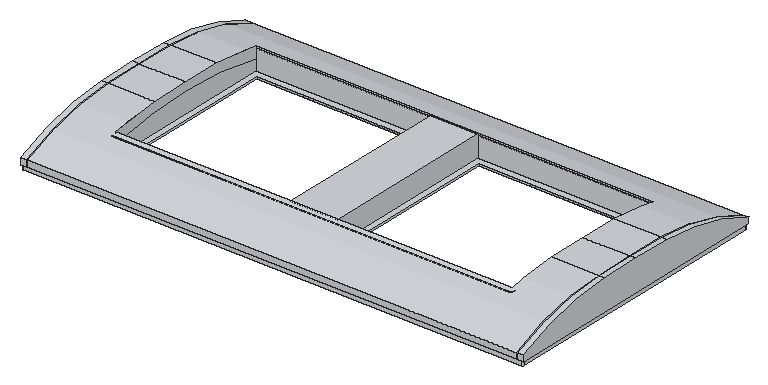
Revit family "Gira_021259", category Electrical Fixtures, host Face, Revit 2017
Family settings
  Host = Face
  Maintain Annotation Orientation = No
  Round Connector Dimension = Use Diameter
  Part Type = Normal
  Cut with Voids When Loaded = No
  Shared = No
  Room Calculation Point = No
Parameters (values of type "Cov.fr. 2-g interm.fr. CAl Gira Event Opaque dark brown")
  With mounting grid = "No"
  With hinged lid = "No"
  URL = "http://katalog.gira.de/en/datenblatt.html?artikelnr=021259"
  Type of fastening = "Clamp mounting"
  Transparent = "No"
  Surface protection = "Other"
  Suitable for wall duct = "No"
  Suitable for flush-mounted installation = "Yes"
  Suitable for floor box = "No"
  Suitable for built-in installation = "No"
  Number of units vertical = "2"
  Number of units horizontal = "2"
  Number of units = "2"
  Name = "Cov.fr. 2-g interm.fr. CAl Gira Event Opaque dark brown"
  Mounting direction = "Horizontal and vertical"
  Material quality = "Thermoplastic"
  Material = "Plastic"
  Manufacturer URL = "https://www.gira.de/"
  Manufacturer = "Gira"
  Label space/information surface = "No"
  Keynote = ""
  HeinzeBIM = "https://bimportal.heinze.de/bim/cov-fr-2-g-interm-fr-cal-gira-event-opaque-dark-brown/5926616d75215d4e1b11a50b3ff71ddcb004d1a1"
  Halogen free = "Yes"
  HAN = "021259"
  GTIN = "4010337003434"
  Description = "Cov.fr.2g i.fr.CAl EvOp DBN,Gira Event Opaque frames,dark brown with colour aluminium intermediate frame,2-gang,Features:,- Shatter-proof."
  Degree of protection (IP) = "IP20"
  Default Elevation = 1219.2 mm
  Data sheet (1) = "https://katalog.gira.de/en/download.html?artikelnr=021259"
  Colour = "Brown"
  Category = "Cover frame for domestic switching devices"
  BIM (1) = "https://media.stage.bim.site/public/gira/36a6b08/Event_Rahmen_2fach.rfa"
  Available = "No"
Reference planes
  plane 1 "Center (Front/Back)": y = 0
  plane 2: z = 0
  plane 3 "Center (Left/Right)": x = 0
Forms (mm)
  Extrusion 1, solid, detail levels fine
    sketch origin (0, 0, 0.05) x (0, 1, 0) y (0, 0, 1)
      loop
        arc (12.445, 9.683) -> (6.223, 9.833) -> (0, 9.85) r 291.636
        arc (0, 9.85) -> (-6.223, 9.833) -> (-12.445, 9.683) r 291.636
        arc (-12.445, 9.683) -> (-29.14, 7.482) -> (-45, 1.823) r 79.728
        line (-45, 1.823) -> (-45, -0.05) -> (-42.086, -0.05)
        arc (-42.086, -0.05) -> (-21.385, 5.559) -> (0, 7.206) r 114.424
        arc (0, 7.206) -> (21.385, 5.559) -> (42.086, -0.05) r 114.424
        line (42.086, -0.05) -> (45, -0.05) -> (45, 1.823)
        arc (45, 1.823) -> (29.14, 7.482) -> (12.445, 9.683) r 79.728
    from -78.55 to 78.55
  Extrusion 2, void, detail levels fine
    sketch origin (0, 0, 0) x (1, 0, 0) y (0, 1, 0)
      loop
        line (-63.55, -27.937) -> (63.55, -27.937) -> (63.55, 28.063) -> (-63.55, 28.063) -> (-63.55, -27.937)
    from 0.724 to 11
  Extrusion 3, solid, detail levels coarse
    sketch origin (0, 0, 0) x (1, 0, 0) y (0, 1, 0)
      loop
        line (-80.55, 45) -> (-80.55, -45) -> (80.55, -45) -> (80.55, 45) -> (-80.55, 45)
    from -1.5 to 9.9
  Extrusion 4, solid, detail levels medium
    sketch origin (0, 0, 0.05) x (0, 1, 0) y (0, 0, 1)
      loop
        arc (12.445, 9.683) -> (6.223, 9.833) -> (0, 9.85) r 291.636
        arc (0, 9.85) -> (-6.223, 9.833) -> (-12.445, 9.683) r 291.636
        arc (-12.445, 9.683) -> (-29.14, 7.482) -> (-45, 1.823) r 79.728
        line (-45, 1.823) -> (-45, -0.05) -> (45, -0.05) -> (45, 1.823)
        arc (45, 1.823) -> (29.14, 7.482) -> (12.445, 9.683) r 79.728
    from -80.55 to 80.55
  Extrusion 5, solid, detail levels fine
    sketch origin (-35.55, 0, -1.5) x (0, 1, 0) y (0, 0, -1)
      loop
        line (45, -3.373) -> (45, -1.5) -> (-45, -1.5) -> (-45, -3.373)
        arc (-45, -3.373) -> (-29.14, -9.032) -> (-12.445, -11.233) r 79.728
        arc (-12.445, -11.233) -> (-6.223, -11.383) -> (0, -11.4) r 291.636
        arc (0, -11.4) -> (6.223, -11.383) -> (12.445, -11.233) r 291.636
        arc (12.445, -11.233) -> (29.14, -9.032) -> (45, -3.373) r 79.728
    from 43 to 45
  Extrusion 6, solid, detail levels fine
    sketch origin (0, 0, 0) x (1, 0, 0) y (0, 1, 0)
      loop
        line (-61.45, 25.7) -> (-61.45, -25.7) -> (-9.65, -25.7) -> (-9.65, 25.7) -> (-61.45, 25.7)
      loop
        line (61.45, -25.7) -> (61.45, 25.7) -> (9.65, 25.7) -> (9.65, -25.7) -> (61.45, -25.7)
      loop
        line (-64.445, 28.49) -> (-64.445, -28.495)
        spline (-64.445, -28.495) -> (-64.436, -28.625) -> (-64.411, -28.754) -> (-64.369, -28.878) -> (-64.311, -28.995) -> (-64.238, -29.104) -> (-64.152, -29.202) -> (-64.054, -29.288) -> (-63.945, -29.361) -> (-63.828, -29.419) -> (-63.704, -29.461) -> (-63.575, -29.486) -> (-63.445, -29.495)
        line (-63.445, -29.495) -> (63.445, -29.495)
        spline (63.445, -29.495) -> (63.575, -29.486) -> (63.704, -29.461) -> (63.828, -29.419) -> (63.945, -29.361) -> (64.054, -29.288) -> (64.152, -29.202) -> (64.238, -29.104) -> (64.311, -28.995) -> (64.369, -28.878) -> (64.411, -28.754) -> (64.436, -28.625) -> (64.445, -28.495)
        line (64.445, -28.495) -> (64.445, 28.49)
        spline (64.445, 28.49) -> (64.436, 28.62) -> (64.411, 28.748) -> (64.369, 28.872) -> (64.311, 28.99) -> (64.238, 29.098) -> (64.152, 29.197) -> (64.054, 29.283) -> (63.945, 29.356) -> (63.828, 29.413) -> (63.704, 29.456) -> (63.575, 29.481) -> (63.445, 29.49)
        line (63.445, 29.49) -> (-63.445, 29.49)
        spline (-63.445, 29.49) -> (-63.575, 29.481) -> (-63.704, 29.456) -> (-63.828, 29.413) -> (-63.945, 29.356) -> (-64.054, 29.283) -> (-64.152, 29.197) -> (-64.238, 29.098) -> (-64.311, 28.99) -> (-64.369, 28.872) -> (-64.411, 28.748) -> (-64.436, 28.62) -> (-64.445, 28.49)
    from 0.1 to 7.3
  Extrusion 7, solid
    sketch origin (0, 0, 0) x (1, 0, 0) y (0, 1, 0)
      loop
        arc (-80.25, -44.2) -> (-80.104, -44.554) -> (-79.75, -44.7) r 0.5
        line (-79.75, -44.7) -> (79.75, -44.7)
        arc (79.75, -44.7) -> (80.104, -44.554) -> (80.25, -44.2) r 0.5
        line (80.25, -44.2) -> (80.25, 44.2)
        arc (80.25, 44.2) -> (80.104, 44.554) -> (79.75, 44.7) r 0.5
        line (79.75, 44.7) -> (-79.75, 44.7)
        arc (-79.75, 44.7) -> (-80.104, 44.554) -> (-80.25, 44.2) r 0.5
        line (-80.25, 44.2) -> (-80.25, -44.2)
      loop
        line (-78.55, 43) -> (-78.55, -43) -> (78.55, -43) -> (78.55, 43) -> (-78.55, 43)
    from -1.5 to 0.5
  Extrusion 8, solid, detail levels fine
    sketch origin (35.55, 0, -1.5) x (0, 1, 0) y (0, 0, 1)
      loop
        arc (45, 3.373) -> (29.14, 9.032) -> (12.445, 11.233) r 79.728
        arc (12.445, 11.233) -> (6.223, 11.383) -> (0, 11.4) r 291.636
        arc (0, 11.4) -> (-6.223, 11.383) -> (-12.445, 11.233) r 291.636
        arc (-12.445, 11.233) -> (-29.14, 9.032) -> (-45, 3.373) r 79.728
        line (-45, 3.373) -> (-45, 1.5) -> (45, 1.5) -> (45, 3.373)
    from 43 to 45
  Extrusion 9, solid, detail levels medium
    sketch origin (0, 0, 0) x (1, 0, 0) y (0, 1, 0)
      loop
        line (-80.25, -44.7) -> (80.25, -44.7) -> (80.25, 44.7) -> (-80.25, 44.7) -> (-80.25, -44.7)
    from -1.5 to 0.5
  Extrusion 10, solid, detail levels fine
    sketch origin (0, 0, 0) x (1, 0, 0) y (0, 1, 0)
      loop
        line (-7.55, 28.063) -> (-7.55, -27.937) -> (7.55, -27.937) -> (7.55, 28.063) -> (-7.55, 28.063)
    from 0.724 to 7.566
Cuts and joins
  Extrusion 2 cuts Extrusion 1
  Extrusion 2 cuts Extrusion 6
Dimensions and locks
  aligned and locked: plane 2 to host face
  aligned and locked: level to host face
